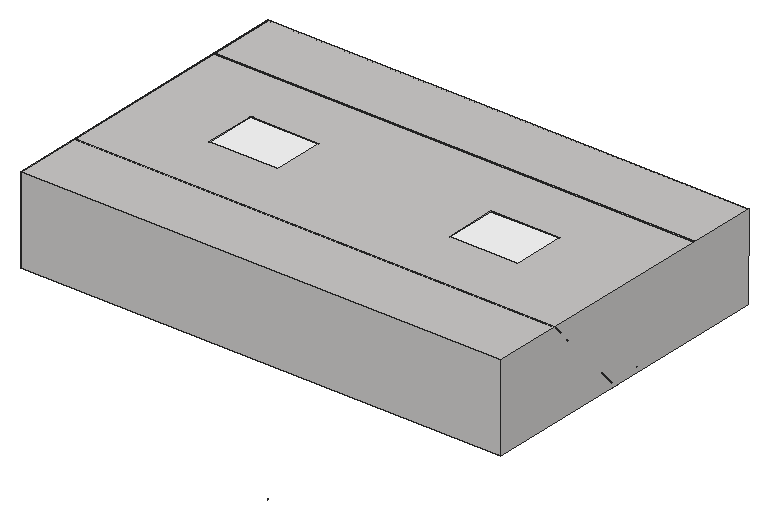
Revit family "QF_ELECTROLUXPROFESSIONAL_642013_EC1828T", category Attrezzature speciali, Revit 2021
Family settings
  Quota connettore circolare = Usa diametro
  Tipo di parte = Normale
  Basato su piano di lavoro = No
  Sempre verticale = Sì
  Taglio con vuoti quando caricato = No
  Condiviso = No
  Punto di calcolo locali = No
Parameters (values of type "Standard")
  Weight = 93.00 kg
  Watts = 0 W
  Volts = 0 V
  URL Manufacturer = "https://www.electroluxprofessional.com/"
  URL = "https://www.electroluxprofessional.com/"
  Steam Supply Size = 0 mm
  Steam Supply Minimum Pressure = 0.0 Pa
  Steam Supply Maximum Pressure = 0.0 Pa
  Steam Consumption per Hour = 0
  Refrigeration Suction Line Size = 0 mm
  Refrigeration Liquid Line Size = 0 mm
  Refrigerant Compressor Remote = yes
  Prospetto di default = 0 mm
  Produttore = "Electrolux Professional"
  Phase = 0
  Modello = "EC1828T"
  Length Actual = 2800 mm  # constant formula
  Item Number = "642013"
  Hot Water Size = 0 mm
  Height Actual = 500 mm  # constant formula
  HP = "0 HP"
  Gas Size = 0 mm
  Gas KW = 0
  Gas Input Pressure = 0 W
  Direct Waste Size = 0 mm
  Descrizione = "304 S/S ISLAND HOOD+FILTERS 2800X1800MM"
  Depth Actual = 1800 mm  # constant formula
  Cycle = 0 Hz
  Condensate Return Size = 0 mm
  Compressed Air Volume = 0.0 L/s
  Compressed Air Size = 0 mm
  Compressed Air Pressure = 0.0 Pa
  Cold Water Size = 0 mm
  Accessory = yes
Reference planes
  plane 1: z = 0
  plane 2 "Center (Left/Right)": x = 150
  plane 3 "LEFT": x = -1250
  plane 4 "RIGHT": x = 1550
  plane 5 "BACK": y = 550
  plane 6 "TOP": z = 2500
  plane 7 "Base": z = 2000
  plane 8: z = 1946
  plane 9: x = -1247
  plane 10 "DrainX": x = 1399
  plane 11 "AOLeft2": x = -350
  plane 12 "AORight1": x = 650
  plane 13: x = 1547
  plane 14: x = -1050
  plane 15: x = 1350
  plane 16: x = 50
  plane 17: x = 250
  plane 18 "AOLeft1": x = -750
  plane 19 "AORight2": x = 1050
  plane 20: y = -200
  plane 21 "Front": y = -1250
  plane 22: through (0, 60.354, 2382.279) normal (0, 0.766, -0.6428)
  plane 23: through (0, -760.351, 2382.279) normal (0, -0.766, -0.6428)
  plane 24: through (0, 72.154, 2402.468) normal (0, -0.753, 0.6581)
  plane 25: through (0, -772.152, 2402.468) normal (0, -0.753, -0.6581)
  plane 26 "Center (Front/Back)": y = -350
  plane 27: y = -500
Forms (mm)
  Extrusion 1, solid, material "QF_Finishes_Stainless Steel"
    sketch origin (-1250, 0, 360) x (0, 1, 0) y (0, 0, 1)
      loop
        line (550, 1640) -> (550, 2140) -> (-1250, 2140) -> (-1250, 1640) -> (550, 1640)
    from 0 to 3
  Extrusion 2, solid, material "QF_Finishes_Stainless Steel"
    sketch origin (1550, 0, 360) x (0, 1, 0) y (0, 0, 1)
      loop
        line (550, 1640) -> (550, 2140) -> (-1250, 2140) -> (-1250, 1640) -> (550, 1640)
    from 0 to -3
  Extrusion 3, solid, material "QF_Finishes_Stainless Steel"
    sketch origin (150, 0, 360) x (0, 1, 0) y (0, 0, 1)
      loop
        line (-1250, 2140) -> (-1250, 1640) -> (-1240, 1640) -> (-1240, 1640.8) -> (-1249.2, 1640.8) -> (-1249.2, 2139.19) -> (549.2, 2139.19) -> (549.2, 1640.8) -> (540, 1640.8) -> (540, 1640) -> (550, 1640) -> (550, 2140) -> (-1250, 2140)
    from -1400 to 1400
  Extrusion 4, solid, material "QF_Finishes_Stainless Steel"
    sketch origin (0, -800, 2000) x (0, 1, 0) y (-1, 0, 0)
      loop
        circle (550, -1399) r 6.35
    from -3.799 to 0
  Extrusion 5, void
    sketch origin (0, 200, 2500) x (0, 1, 0) y (-1, 0, 0)
      loop
        line (-400, 350) -> (-400, 750) -> (-700, 750) -> (-700, 350) -> (-400, 350)
    from 0 to -10
  Extrusion 6, solid, material "QF_Finishes_Stainless Steel"
    sketch origin (0, 0, 0) x (1, 0, 0) y (0, 1, 0)
      loop
        line (-1250, 550) -> (-1250, 549) -> (-1249, 549) -> (-1249, 550) -> (-1250, 550)
    from 0 to 1
  Extrusion 7, solid, material "QF_Finishes_Stainless Steel"
    sketch origin (150, -200, 360) x (0, 1, 0) y (0, 0, 1)
      loop
        line (-79.471, 1685.734) -> (-56.882, 1665.992) -> (272.154, 2042.468) -> (249.566, 2062.21) -> (-79.471, 1685.734)
      loop
        line (-572.152, 2042.468) -> (-243.115, 1665.992) -> (-220.526, 1685.734) -> (-549.563, 2062.21) -> (-572.152, 2042.468)
    from -1200 to -1397
  Extrusion 8, solid, material "QF_Finishes_Stainless Steel"
    sketch origin (150, -200, 360) x (0, 1, 0) y (0, 0, 1)
      loop
        line (360.354, 2141.454) -> (357.903, 2143.511) -> (264.331, 2031.996) -> (266.169, 2030.453) -> (357.41, 2139.19) -> (358.454, 2139.19) -> (360.354, 2141.454)
      loop
        line (-39.202, 1672.761) -> (-56.017, 1663.363) -> (-81.407, 1685.429) -> (-81.974, 1684.862) -> (-54.914, 1661.345) -> (-90.242, 1641.601) -> (-209.758, 1641.601) -> (-245.086, 1661.345) -> (-218.026, 1684.862) -> (-218.593, 1685.429) -> (-243.983, 1663.363) -> (-260.798, 1672.761) -> (-262.311, 1670.055) -> (-209.966, 1640.801) -> (-90.034, 1640.801) -> (-37.689, 1670.055) -> (-39.202, 1672.761)
      loop
        line (-560.354, 2022.279) -> (-557.903, 2024.336) -> (-564.331, 2031.996) -> (-566.169, 2030.453) -> (-657.41, 2139.19) -> (-658.454, 2139.19) -> (-560.354, 2022.279)
    from -1397 to 1397
  Extrusion 9, solid, material "QF_Finishes_Stainless Steel"
    sketch origin (150, -200, 360) x (0, 1, 0) y (0, 0, 1)
      loop
        line (272.154, 2042.468) -> (249.566, 2062.21) -> (-79.471, 1685.734) -> (-56.882, 1665.992) -> (272.154, 2042.468)
      loop
        line (-572.154, 2042.468) -> (-243.118, 1665.992) -> (-220.529, 1685.734) -> (-549.566, 2062.21) -> (-572.154, 2042.468)
    from 1397 to 1200
  Extrusion 10, solid, material "QF_Finishes_Stainless Steel"
    sketch origin (150, -200, 360) x (0, 1, 0) y (0, 0, 1)
      loop
        line (272.154, 2042.468) -> (249.566, 2062.21) -> (-79.471, 1685.734) -> (-56.882, 1665.992) -> (272.154, 2042.468)
      loop
        line (-572.154, 2042.468) -> (-243.118, 1665.992) -> (-220.529, 1685.734) -> (-549.566, 2062.21) -> (-572.154, 2042.468)
    from -100 to 100
  Extrusion 11, solid, material "QF_Finished_Chrome"
    sketch origin (150, -200, 360) x (0, 1, 0) y (0, 0, 1)
      loop
        line (249.566, 2062.21) -> (-79.471, 1685.734) -> (-56.882, 1665.992) -> (272.154, 2042.468) -> (249.566, 2062.21)
      loop
        line (-549.566, 2062.21) -> (-572.154, 2042.468) -> (-243.118, 1665.992) -> (-220.529, 1685.734) -> (-549.566, 2062.21)
    from -1200 to -100
  Extrusion 12, solid, material "QF_Finished_Chrome"
    sketch origin (150, -200, 360) x (0, 1, 0) y (0, 0, 1)
      loop
        line (272.154, 2042.468) -> (249.566, 2062.21) -> (-79.471, 1685.734) -> (-56.882, 1665.992) -> (272.154, 2042.468)
      loop
        line (-572.154, 2042.468) -> (-243.118, 1665.992) -> (-220.529, 1685.734) -> (-549.566, 2062.21) -> (-572.154, 2042.468)
    from 100 to 1200
  Sweep 13, solid, material "QF_Finishes_Stainless Steel"
    path origin (0, 0, 0) x (1, 0, 0) y (0, 1, 0)
      loop
        line (1550, 550) -> (-1250, 550) -> (-1250, -1250) -> (1550, -1250) -> (1550, 550)
    profile origin (1550, -350, 0) x (1, 0, 0) y (0, 0, 1)
      loop
        line (-3, 2000) -> (-3, 2000.8) -> (-19, 2000.8) -> (-19, 2010) -> (-20, 2010) -> (-20, 2000) -> (-3, 2000)
  Extrusion 14, void
    sketch origin (0, 200, 2500) x (0, 1, 0) y (-1, 0, 0)
      loop
        line (-400, -1050) -> (-400, -650) -> (-700, -650) -> (-700, -1050) -> (-400, -1050)
    from 0 to -10
  Extrusion 15, solid, material "QF_Finishes_Stainless Steel"
    sketch origin (1399, 0, 0) x (0, 1, 0) y (0, 0, 1)
      loop
        arc (-305.856, 1994.063) -> (-304.108, 1996.894) -> (-300.97, 1998.001) r 5
        line (-300.97, 1998.001) -> (-295, 1998.001) -> (-295, 2000.8) -> (-405, 2000.8) -> (-405, 1998.001) -> (-399.03, 1998.001)
        arc (-399.03, 1998.001) -> (-395.892, 1996.894) -> (-394.144, 1994.063) r 5
        line (-394.144, 1994.063) -> (-387.14, 1955.845)
        arc (-387.14, 1955.845) -> (-382.769, 1948.768) -> (-374.925, 1946) r 12.5
        line (-374.925, 1946) -> (-325.075, 1946)
        arc (-325.075, 1946) -> (-317.231, 1948.768) -> (-312.86, 1955.845) r 12.5
        line (-312.86, 1955.845) -> (-305.856, 1994.063)
    from -90 to 90
Cuts and joins
  Extrusion 5, Extrusion 14 cuts Extrusion 3
  joined: Extrusion 2, Extrusion 3, Sweep 13
Lines and regions (mm)
  symbolic lines, style "SpecialityEquipment", detail levels coarse
    curve 1: line (1550, 550, 2500) -> (-1250, 550, 2500)
    curve 2: line (-1250, 550, 2500) -> (-1250, -1250.8, 2500)
    curve 3: line (1550, -1250.8, 2500) -> (1550, 550, 2500)
    curve 4: line (-1250, 550, 0) -> (1550, -1250, 0)
    curve 5: line (1550, 550, 0) -> (-1250, -1250, 0)
  symbolic lines, detail levels coarse
    curve 6: line (-1250, -1250, 0) -> (1550, -1250, 0)
    curve 7: line (-750, -500, 0) -> (-350, -500, 0)
    curve 8: line (-750, -200, 0) -> (-750, -500, 0)
    curve 9: line (-350, -200, 0) -> (-750, -200, 0)
    curve 10: line (-350, -500, 0) -> (-350, -200, 0)
    curve 11: line (650, -200, 0) -> (650, -500, 0)
    curve 12: line (1050, -200, 0) -> (650, -200, 0)
    curve 13: line (1050, -500, 0) -> (1050, -200, 0)
    curve 14: line (650, -500, 0) -> (1050, -500, 0)
Dimensions and locks
  plane 3 "LEFT" to plane 4 "RIGHT" = 2800 mm
  equal spacing: plane 3 "LEFT", plane 2 "Center (Left/Right)", plane 4 "RIGHT"
  plane 3 "LEFT" to plane 9 = 3 mm
  plane 10 "DrainX" to plane 4 "RIGHT" = 151 mm
  plane 13 to plane 4 "RIGHT" = 3 mm
  plane 3 "LEFT" to plane 14 = 200 mm
  plane 15 to plane 4 "RIGHT" = 200 mm
  locked: plane 11 "AOLeft2" to plane 12 "AORight1" at 1000
  equal spacing: plane 11 "AOLeft2", plane 2 "Center (Left/Right)", plane 12 "AORight1"
  locked: plane 7 "Base" to level at 2000
  locked: plane 16 to plane 17 at 200
  equal spacing: plane 16, plane 2 "Center (Left/Right)", plane 17
  plane 18 "AOLeft1" to plane 11 "AOLeft2" = 400 mm
  plane 12 "AORight1" to plane 19 "AORight2" = 400 mm
  plane 7 "Base" to plane 8 = 54 mm
  plane 5 "BACK" to plane 21 "Front" = 1800 mm  (x2)
  equal spacing: plane 5 "BACK", plane 26 "Center (Front/Back)", plane 21 "Front"
  locked: plane 6 "TOP" to plane 7 "Base" at 500
  plane 27 to plane 20 = 300 mm
  equal spacing: plane 27, plane 26 "Center (Front/Back)", plane 20
  aligned and locked: level to plane 1
  aligned and locked: plane 4 "RIGHT" to Extrusion 3
  aligned and locked: Extrusion 3 to plane 3 "LEFT"
  aligned and locked: Extrusion 7 to plane 9
  aligned and locked: plane 14 to Extrusion 7
  aligned and locked: Extrusion 2 to plane 13
  aligned and locked: plane 13 to Extrusion 9
  aligned and locked: plane 15 to Extrusion 9
  aligned and locked: plane 17 to Extrusion 10
  aligned and locked: Extrusion 10 to plane 16
  aligned and locked: plane 16 to Extrusion 11
  aligned and locked: Extrusion 11 to plane 14
  aligned and locked: Extrusion 12 to plane 17
  aligned and locked: Extrusion 12 to plane 15
  aligned and locked: Extrusion 8 to plane 9
  aligned and locked: plane 13 to Extrusion 8
  aligned and locked: Extrusion 5 to plane 18 "AOLeft1"
  aligned and locked: Extrusion 5 to plane 11 "AOLeft2"
  aligned and locked: plane 12 "AORight1" to Extrusion 14
  aligned and locked: plane 19 "AORight2" to Extrusion 14
  aligned and locked: plane 21 "Front" to Sweep 13 sketch curve
  aligned and locked: plane 27 to Extrusion 14
  aligned and locked: plane 27 to Extrusion 5
  aligned and locked: plane 20 to Extrusion 14
  aligned and locked: plane 20 to Extrusion 5
  aligned and locked: curve 7 to Extrusion 5
  aligned and locked: curve 8 to Extrusion 5
  aligned and locked: curve 9 to Extrusion 5
  aligned and locked: curve 10 to Extrusion 5
  aligned and locked: curve 11 to Extrusion 14
  aligned and locked: curve 12 to Extrusion 14
  aligned and locked: curve 13 to Extrusion 14
  aligned and locked: curve 14 to Extrusion 14
Automatic sketch dimensions
  curve 2 to plane 3 "LEFT" = 0 mm
  curve 3 to plane 4 "RIGHT" = 0 mm
  curve 2 to plane 5 "BACK" = 0 mm
  Extrusion 1 sketch curve to plane 7 "Base" = 0 mm
  Extrusion 1 sketch curve to plane 5 "BACK" = 0 mm
  Extrusion 1 sketch curve to plane 6 "TOP" = 0 mm
  Extrusion 2 sketch curve to plane 7 "Base" = 0 mm
  Extrusion 2 sketch curve to plane 5 "BACK" = 0 mm
  Extrusion 2 sketch curve to plane 6 "TOP" = 0 mm
  Extrusion 3 sketch curve to plane 6 "TOP" = 0 mm
  Extrusion 3 sketch curve to plane 7 "Base" = 0 mm  (x2)
  Extrusion 3 sketch curve to plane 5 "BACK" = 0 mm
  Extrusion 3 sketch curve to Extrusion 3 sketch curve = 9.2 mm
  plane 7 "Base" to Extrusion 3 sketch curve = 0.8 mm  (x2)
  Extrusion 3 sketch curve to plane 5 "BACK" = 10 mm
  Extrusion 3 sketch curve to plane 5 "BACK" = 0.8 mm
  Extrusion 3 sketch curve to plane 6 "TOP" = 0.81 mm
  Extrusion 4 sketch curve to plane 10 "DrainX" = 0 mm
  Extrusion 5 sketch curve to plane 11 "AOLeft2" = 0 mm
  Extrusion 5 sketch curve to plane 18 "AOLeft1" = 0 mm
  Extrusion 6 sketch curve to plane 3 "LEFT" = 0 mm
  Extrusion 6 sketch curve to plane 5 "BACK" = 0 mm
  plane 3 "LEFT" to Extrusion 6 sketch curve = 1 mm
  Extrusion 6 sketch curve to Extrusion 6 sketch curve = 1 mm
  Sweep 13 sketch curve to plane 3 "LEFT" = 0 mm
  Sweep 13 sketch curve to plane 4 "RIGHT" = 0 mm
  Sweep 13 sketch curve to plane 5 "BACK" = 0 mm
  profile plane to Sweep 13 sketch curve = 20 mm
  Sweep 13 sketch curve to Sweep 13 sketch curve = 1 mm
  profile plane to Sweep 13 sketch curve = 3 mm
  level to Sweep 13 sketch curve = 2000 mm
  Sweep 13 sketch curve to Sweep 13 sketch curve = 0.8 mm
  Sweep 13 sketch curve to Sweep 13 sketch curve = 9.2 mm
  Extrusion 14 sketch curve to plane 11 "AOLeft2" = 1400 mm
  plane 18 "AOLeft1" to Extrusion 14 sketch curve = 1400 mm
  Extrusion 14 sketch curve to Extrusion 14 sketch curve = 300 mm
  Extrusion 3 sketch curve to Extrusion 3 sketch curve = 0.8 mm
  curve 5 to plane 3 "LEFT" = 0 mm
  curve 4 to plane 3 "LEFT" = 0 mm
  curve 5 to plane 4 "RIGHT" = 0 mm
  curve 6 to plane 4 "RIGHT" = 0 mm
  curve 4 to plane 5 "BACK" = 0 mm
  curve 5 to plane 5 "BACK" = 0 mm
  curve 6 to plane 21 "Front" = 0 mm
  Extrusion 7 sketch curve to plane 24 = 0 mm  (x2)
  Extrusion 7 sketch curve to plane 6 "TOP" = 77.79 mm  (x2)
  plane 7 "Base" to Extrusion 7 sketch curve = 25.992 mm  (x2)
  plane 7 "Base" to Extrusion 7 sketch curve = 45.734 mm
  Extrusion 7 sketch curve to plane 25 = 0 mm
  plane 25 to Extrusion 7 sketch curve = 0 mm
  Extrusion 11 sketch curve to plane 24 = 0 mm  (x2)
  Extrusion 11 sketch curve to plane 6 "TOP" = 77.79 mm  (x2)
  Extrusion 11 sketch curve to Extrusion 11 sketch curve = 22.589 mm
  plane 7 "Base" to Extrusion 11 sketch curve = 25.992 mm  (x2)
  Extrusion 10 sketch curve to plane 24 = 0 mm  (x2)
  Extrusion 10 sketch curve to plane 6 "TOP" = 77.79 mm  (x2)
  Extrusion 10 sketch curve to Extrusion 10 sketch curve = 22.589 mm
  plane 7 "Base" to Extrusion 10 sketch curve = 25.992 mm  (x2)
  Extrusion 12 sketch curve to plane 24 = 0 mm  (x2)
  Extrusion 12 sketch curve to plane 6 "TOP" = 77.79 mm  (x2)
  Extrusion 12 sketch curve to Extrusion 12 sketch curve = 22.589 mm
  plane 7 "Base" to Extrusion 12 sketch curve = 25.992 mm  (x2)
  Extrusion 9 sketch curve to plane 24 = 0 mm  (x2)
  Extrusion 9 sketch curve to plane 6 "TOP" = 77.79 mm  (x2)
  Extrusion 9 sketch curve to Extrusion 9 sketch curve = 22.589 mm
  plane 7 "Base" to Extrusion 9 sketch curve = 25.992 mm  (x2)
  Extrusion 4 sketch curve to plane 20 = 50 mm
  plane 7 "Base" to Extrusion 9 sketch curve = 45.734 mm
  plane 7 "Base" to Extrusion 10 sketch curve = 45.734 mm
  plane 7 "Base" to Extrusion 11 sketch curve = 45.734 mm
  plane 7 "Base" to Extrusion 12 sketch curve = 45.734 mm
  plane 26 "Center (Front/Back)" to Extrusion 5 sketch curve = 150 mm
  plane 22 to Extrusion 8 sketch curve = 0 mm  (x2)
  Extrusion 8 sketch curve to plane 6 "TOP" = 0.81 mm  (x2)
  plane 21 "Front" to Extrusion 8 sketch curve = 391.546 mm
  Extrusion 8 sketch curve to Extrusion 8 sketch curve = 1.044 mm
  Extrusion 8 sketch curve to plane 6 "TOP" = 109.547 mm  (x2)
  Extrusion 8 sketch curve to Extrusion 8 sketch curve = 91.241 mm
  Extrusion 8 sketch curve to plane 6 "TOP" = 108.004 mm  (x2)
  Extrusion 8 sketch curve to plane 6 "TOP" = 117.721 mm
  plane 7 "Base" to Extrusion 8 sketch curve = 30.055 mm
  plane 7 "Base" to Extrusion 8 sketch curve = 32.761 mm  (x2)
  Extrusion 8 sketch curve to Extrusion 8 sketch curve = 1.512 mm
  plane 7 "Base" to Extrusion 8 sketch curve = 21.345 mm  (x2)
  Extrusion 8 sketch curve to Extrusion 8 sketch curve = 17.225 mm
  plane 7 "Base" to Extrusion 8 sketch curve = 23.363 mm  (x2)
  Extrusion 8 sketch curve to Extrusion 8 sketch curve = 25.389 mm  (x2)
  Extrusion 8 sketch curve to Extrusion 8 sketch curve = 0.567 mm  (x4)
  plane 7 "Base" to Extrusion 8 sketch curve = 0.801 mm
  Extrusion 8 sketch curve to Extrusion 8 sketch curve = 0.208 mm  (x2)
  plane 7 "Base" to Extrusion 8 sketch curve = 1.601 mm
  Extrusion 8 sketch curve to Extrusion 8 sketch curve = 8.268 mm
  Extrusion 8 sketch curve to Extrusion 8 sketch curve = 1.103 mm
  Extrusion 8 sketch curve to Extrusion 8 sketch curve = 16.816 mm
  plane 20 to Extrusion 8 sketch curve = 357.903 mm
  Extrusion 8 sketch curve to Extrusion 8 sketch curve = 2.451 mm
  Extrusion 8 sketch curve to Extrusion 8 sketch curve = 21.498 mm  (x2)
  curve 3 to plane 21 "Front" = 0.8 mm
  curve 2 to plane 21 "Front" = 0.8 mm
  Extrusion 1 sketch curve to plane 21 "Front" = 0 mm
  Extrusion 2 sketch curve to plane 21 "Front" = 0 mm
  Extrusion 3 sketch curve to plane 21 "Front" = 0 mm
  Extrusion 5 sketch curve to plane 26 "Center (Front/Back)" = 150 mm
  Extrusion 7 sketch curve to plane 26 "Center (Front/Back)" = 399.563 mm
  Extrusion 8 sketch curve to plane 26 "Center (Front/Back)" = 112.311 mm
  plane 26 "Center (Front/Back)" to Extrusion 8 sketch curve = 59.758 mm
  Extrusion 9 sketch curve to plane 26 "Center (Front/Back)" = 70.529 mm
  Extrusion 9 sketch curve to plane 26 "Center (Front/Back)" = 399.566 mm
  Extrusion 10 sketch curve to plane 26 "Center (Front/Back)" = 70.529 mm
  Extrusion 10 sketch curve to plane 26 "Center (Front/Back)" = 399.566 mm
  Extrusion 11 sketch curve to plane 26 "Center (Front/Back)" = 70.529 mm
  Extrusion 11 sketch curve to plane 26 "Center (Front/Back)" = 399.566 mm
  Extrusion 12 sketch curve to plane 26 "Center (Front/Back)" = 70.529 mm
  Extrusion 12 sketch curve to plane 26 "Center (Front/Back)" = 399.566 mm
  Extrusion 14 sketch curve to plane 20 = 0 mm
  Extrusion 15 sketch curve to plane 8 = 0 mm
  Extrusion 15 sketch curve to plane 7 "Base" = 1.999 mm  (x2)
  Extrusion 15 sketch curve to plane 26 "Center (Front/Back)" = 55 mm
  Extrusion 15 sketch curve to Extrusion 15 sketch curve = 5.97 mm  (x2)
  Extrusion 15 sketch curve to plane 7 "Base" = 5.937 mm  (x2)
  Extrusion 15 sketch curve to Extrusion 15 sketch curve = 4.886 mm  (x2)
  plane 8 to Extrusion 15 sketch curve = 9.845 mm  (x2)
  Extrusion 15 sketch curve to plane 26 "Center (Front/Back)" = 37.14 mm
  Extrusion 15 sketch curve to Extrusion 15 sketch curve = 12.215 mm  (x2)
  plane 26 "Center (Front/Back)" to Extrusion 15 sketch curve = 24.925 mm
  Extrusion 15 sketch curve to Extrusion 15 sketch curve = 7.004 mm
  plane 7 "Base" to Extrusion 15 sketch curve = 0.8 mm
  radius of Extrusion 4 sketch curve = 6.35 mm
Connectors
  piping at (1399, -250, 1996.201), diameter 12.7
    settings: on Extrusion 4, index 1, connector inside diameter 609.6 mm, connector length 0 mm, flow factor 0, pipe flow 0.0 L/s, pressure drop 0.0 Pa, fitting loss kfactor 0, connector angle 0.00°, fixture units 0, engagement length 0 mm, angle of deflection 0.00°, flow configuration 1, flow direction 2, fitting loss method 0, system type 16, joint type 0, gender type 0, connector reference index -1, connector utility 0, adjustable connector no, is connector primary yes, connector description "Drain"
  hvac at (-550, -350, 2500)
    settings: on Extrusion 5, index 2, duct flow 0.0 L/s, flow factor 0, pres drop 0.0 Pa, loss coef 0, conn angle 0.00°, conn width 300 mm, conn height 400 mm, conn diameter 609.6 mm, duct sys type 3, conn prof type 1, flow config 1, flow direction 2, loss method 0, conn ref index -1, conn util no, is conn primary yes, conn desc "EXHAUST OUTLET"
  hvac at (850, -350, 2500)
    settings: on Extrusion 14, index 3, duct flow 0.0 L/s, flow factor 0, pres drop 0.0 Pa, loss coef 0, conn angle 0.00°, conn width 300 mm, conn height 400 mm, conn diameter 609.6 mm, duct sys type 3, conn prof type 1, flow config 1, flow direction 2, loss method 0, conn ref index -1, conn util no, is conn primary no, conn desc "EXHAUST OUTLET"
